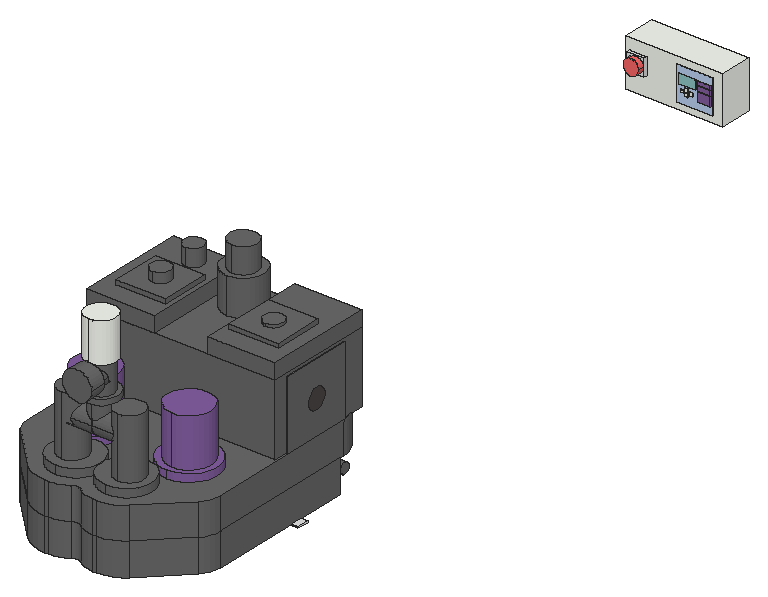
Revit family "11039", category Generic Models, Revit 2021
Family settings
  Can host rebar = No
  Round Connector Dimension = Use Diameter
  Part Type = Normal
  Work Plane-Based = No
  Always vertical = Yes
  Cut with Voids When Loaded = No
  Shared = Yes
  Room Calculation Point = No
Parameters (values of type "11039")
  SUPPLIER = "KESSEL"
  SA700ID49 = "Protection Class I"
  SA700ID48 = "no"
  SA700ID47 = "no"
  SA700ID46 = "yes"
  SA700ID37 = 16000 mm
  SA700ID34 = 47
  SA700ID33 = 3.2 W
  SA700ID32 = 97.93 kg
  SA700ID31 = 1
  SA700ID30 = 2
  SA700ID29 = "GLRD"
  SA700ID21 = 1600
  SA700ID10 = "yes"
  SA700ID08 = 400 V
  PROCUREWEBLINK = "https://p.caden.as/kessel/11039"
  PROCURELINK = "p.caden.as/kessel/11039"
  PROCUREDATALASTUPDATE = "2024-05-22T12:18:05.381961121+01:00"
  PREVIEW = "../../_pool_/8e/3e/11039.png"
  PRC_SPECIFICATIONLINK = "https://ausschreiben.de/catalog/kessel/catalogItem/3159e8a4-a254-47fd-8d6d-72017d509ed0"
  NN = "Lifting station Aqualift F XL"
  NBSYN = "$SA810ID03."
  NB = "11039"
  Model = "11039"
  Manufacturer = "KESSEL"
  MIdent = "{$CADENAS_DATA/23d-libs/kessel/kessel_vdi_import/4/entwaesserung/hebeanlage20aqualift20f20xl.prj},200 {STYP=ASS},{VTYP=3D},{NB=11039},{LINA=11039},{NN=Lifting station Aqualift F XL},{DATE=21.11.2022 10:48:11},{GEOMDATE=21.11.2022 10:48:11},{VERSION=},{LINEID=40},{WBVAR=LODLEVEL},{WBNUMERIC=LODLEVEL}  {NB=11039},{LINA=11039},{KT=DUMMY},{PREVIEW=../../_pool_/8e/3e/11039.png},{SA700ID04=Hebeanlage Aqualift F XL 200 l, Duo, SPF 3000-S3, Schieber},{SA810ID06=04026092057063},{SA700ID34=47.00},{SA010ID03=201805},{SA810ID03=11039},{SA810ID10=Aqualift F XL 3000W-S3 Duo 200L m.S.KESSEL Aqualift F XL Hebeanlage für fäkalienhaltiges und fäkalienfreies Abwasser. Zur Aufstellung in frostgeschützten Räumen.Duoanlage mit zwei Pumpen des Typs SPF 3000-S3 Sammelbehälter aus Polyethylen, mit verschraubter Reinigungsöffnung,Anschlussstutzen für Zulauf von oben DN100/150.Inklusive Tauchrohr zur pneumatischen Niveauerfassung,Entlüftungsanschluss DN 70 und Anschluss für eine Handmembranpumpe DN 32.Behälter inklusive Haltewinkel zur Auftriebssicherung.Behältervolumen 200 Liter, max. Nutzvolumen bei Zulauf von oben ca. 120 Liter.Zwei seitliche und zwei rückseitige Anbohrflächen zur Montage weiterer Zuläufe bis DN 200 unter Verwendung von Durchgangsdichtungen.Inklusive KESSEL Schaltgerät Aqualift Comfort 400 V.Anwenderfreundliche Menüführung im mehrzeiligem Display. MitSelbstdiagnosesystem (SDS) und Erinnerungsfunktion für nächste Wartung.Anzeige der aktuellen Messwerte. Einfache Einstellung derfunktionsrelevanten Parameter, inklusive Betriebsstundenzähler und potentialfreiem Kontakt. Optionale Weiterleitung von Alarm- und Sammelstörmeldung über GSM Schnittstelle.Schaltgerät mit Volltextanzeige in sechs Sprachen.Abwasserpumpe(n) mit Freistromrad zur Förderung von fäkalienfreiem und fäkalienhaltigem Abwasser gemäß DIN EN 12050-1. Freier Kugeldurchgang mindestens 40 mm. Pumpe(n) überflutungssicher. Inklusive Rückflussverhinderer, mit Druckabgang aus Kunststoff DN 100. Inklusive Absperrschieber.Pumpe(n) Typ SPF 3000-S3Fördermenge: max. 47 m³/hFörderhöhe: max. 16 mNennleistung (P2): 2,7 KW je PumpeAufnahmeleistung (P1):  3,3 KW je PumpeBetriebsspannung: 400 V DSNennfrequenz: 50 HzNennstrom: 5,4 AAbsicherung: 3 x 16 A trägeSchutzart (Pumpe): IP68 3mWS/48hSchutzart (Schaltgerät): IP 65Bertiebsart: S3 (50 % Einschaltdauer)Kabellänge: 5 mAußenmaße Anlage mit 200 Liter Behälter (BxTxH): 760 x 980 x 770 mmGewicht ca. 97,93 kg},{SA700ID37=16.00},{SA700ID33=3.20},{SA700ID08=400},{SA700ID30=2},{SA700ID32=97.93},{SA700ID49=Schutzklasse I},{SA700ID50=intern},{SA200ID03=6},{SA250ID03=vertikal},{SA260ID03=Trockenläuferpumpe},{SA350ID03=normalansaugend},{SA400ID03=E-Motor für Drehstrom},{SA460ID03=direkt},{SA500ID03=Kunststoff, Edelstahl},{SA700ID06=100},{SA700ID07=100},{SA700ID09=3/N/PE 400V},{SA700ID10=Ja},{SA700ID11=50},{SA700ID12=IP 68},{SA700ID13=F},{SA700ID15=40},{SA700ID21=1600.00},{SA700ID22=2.70},{SA700ID23=2845},{SA700ID24=2845},{SA700ID26=5.40},{SA700ID27=41.00},{SA700ID28=durchgehend},{SA700ID29=GLRD},{SA700ID31=1},{SA700ID46=ja},{SA700ID47=nein},{SA700ID48=nein},{SA110ID04=Hebeanlage Aqualift F XL},{SA300ID03=einstufig},{SA700ID44=10.00},{SA700ID45=10.00},{SA010ID04=KESSEL AG},{LODLEVEL=200},{LINK=https://www.kessel.de/info?han=11039},{SA970ID01=970},{SA970ID02=7132},{SA970ID03=11039},{SA970ID04=11002617},{SA970ID05=QUAD},{SA970ID06=-410},{SA970ID07=-850},{SA970ID08=0},{SA970ID09=1},{SA970ID10=0},{SA970ID11=0},{SA970ID12=0},{SA970ID13=1},{SA970ID14=0},{SA970ID15=820},{SA970ID16=980},{SA970ID17=819},{LODLEVEL_=200,'Low'},{LODLEVEL_DEU=200,'Low'},{LINK_=https://www.kessel.de/info?han=11039},{LINK_DEU=https://www.kessel.de/info?han=11039},{LODLEVEL_3DB=11039_200},{DNIN1=100},{DNIN2=70},{DNIN4=10},{DNIN5=50},{DNIN6=50},{DNIN7=50},{DNIN8=50},{DNIN9=MIN},{DNOUT1=32},{DNOUT2=100},{DNOUT3=70},{ISD1=96},{ISD2=10},{ISDOUT1=40},{ISDOUT2=70},{ISDOUT3=65},{SA010ID01=010},{SA010ID02=4},{SA010ID06=www.kessel.de},{SA010ID07=www.kessel.de},{SA010ID12=20180713},{SA010ID13=DEU},{SA010ID14=DE},{SA100ID01=100},{SA100ID02=4},{SA100ID04=Entwässerung},{SA110ID01=110},{SA110ID02=6},{SA200ID01=200},{SA200ID02=6},{SA250ID01=250},{SA250ID02=2},{SA260ID01=260},{SA260ID02=2},{SA300ID01=300},{SA300ID02=1},{SA350ID01=350},{SA350ID02=1},{SA400ID01=400},{SA400ID02=2},{SA460ID01=460},{SA460ID02=1},{SA500ID01=500},{SA500ID02=1},{SA700ID01=700},{SA700ID02=52},{SA700ID10_=1},{SA700ID16=0},{SA700ID25=0},{SA700ID46_=1},{SA700ID47_=0},{SA700ID48_=0},{SA700ID49_=1},{SA700ID50_=2},{SA800ID01=800},{SA800ID02=16},{SA810ID01=810},{SA810ID02=52},{SA810ID04=11039},{SA810ID07=52},{SA810ID09=1},{SA810ID14=PCE},{SA810ID15=1},{SA810ID16=NMP},{SA960ID03=52},{SA960ID04=3L},{SA960ID08=https://www.kessel.de/info?han=11039},{SA010ID08=4026092000007},{SA100ID05=Hebeanlage},{SA110ID06=Hebeanlage}"
  LINK = "https://www.kessel.de/info?han=11039"
  LINA = "11039"
  Default Elevation = 0 mm
  CREATOR = "CADENAS GmbH"
  CATALOG = "KESSEL"
  BOMINFO = "LINA"
  ARTICLENO = "NB"
  4.810.00.9 Order quantity (multiplicator) = "1"
  4.810.00.7 Media- connection number = "52"
  4.810.00.6 GTIN number = "04026092057063"
  4.810.00.4 DATANORM number = "11039"
  4.810.00.3 Producer order number = "11039"
  4.710.03.7 Mass (net) = 97.93 kg
  4.710.03.6 Height = 807 mm
  4.710.03.5 Width = 760 mm
  4.710.03.4 Length = 980 mm
  4.710.03.3 Type of dimensions = "2"
  4.710.02.8 Area of application of wastewater pump = "1"
  4.710.02.7 Art des S2/S3-Betriebs = "50 %"
  4.710.02.6 Duty type = "S3"
  4.710.02.5 Cutting device = "0"
  4.710.02.4 Attached pump control = "1"
  4.710.02.3 Free passage = 40 mm
  4.710.01.6 Option to connect to building automation = "40"
  4.710.01.5 Load regulation = "0"
  4.710.01.4 Designation of closed-loop control = "120"
  4.710.01.3 Identifier for closed-loop control = "200"
  4.700.00.9 Voltage = 0
  4.700.00.8 Nominal connection size on suction side = "100"
  4.700.00.7 Nominal connection size on pressure side = "100"
  4.700.00.6 Type of connection = "100"
  4.700.00.4 Product indentification = "Hebeanlage Aqualift F XL 200 l, Duo, SPF 3000-S3, Schieber"
  4.700.00.28 Motor pump shaft = "durchgehend"
  4.700.00.27 Starting current = 41
  4.700.00.26 Maximum power consumption per pump / drive = 5.4
  4.700.00.25 Minimum speed at internal speed adjustment = 0
  4.700.00.24 Nominal speed / maximum speed n = 47.4167
  4.700.00.23 Nominal speed of motor = 47.4167
  4.700.00.22 Maximum shaft output (P2) per pump/drive = 2.7 W
  4.700.00.16 Maximum temperature of pumped medium = 0 °C
  4.700.00.15 Increased safety class = "40 °C"
  4.700.00.13 Type of protection = "F"
  4.700.00.12 Frequency = 0
  4.700.00.11 Stern-/Dreieck-Anlaufschaltung bei Dreiphasenanschluss oder Drehstrom = "50 Hz"
  4.700.00.10 Phase = "1"
  4.500.00.3 Variant / Variant type / Accessories-name = "Kunststoff, Edelstahl"
  4.460.00.3 Variant / Variant type / Accessories-name = "direkt"
  4.400.00.3 Variant / Variant type / Accessories-name = "E-Motor für Drehstrom"
  4.350.00.3 Variant / Variant type / Accessories-name = "normalansaugend"
  4.300.00.3 Variant / Variant type / Accessories-name = "einstufig"
  4.260.00.3 Variant / Variant type / Accessories-name = "Trockenläuferpumpe"
  4.250.00.3 Variant / Variant type / Accessories-name = "vertikal"
  4.200.00.3 Variant / Variant type / Accessories-name = "6"
  4.110.00.6 Product classification = "Hebeanlage"
  4.110.00.4 Product indentification = "Hebeanlage Aqualift F XL"
  4.100.00.5 Main groups of wares = "Hebeanlage"
  4.100.00.4 Product indentification = "Entwässerung"
  4.010.00.8 Producer ID number = "4026092000007"
  4.010.00.7 Comment = "www.kessel.de"
  4.010.00.6 Web address of the manufacturer = "www.kessel.de"
  4.010.00.4 Manufacturer name = "KESSEL AG"
  4.010.00.3 Date of issuance (month) of guideline = "201805"
  4.010.00.2 Sheet number of the guideline = "4"
  4.010.00.14 Kennungen der Projektländer, für die die Datei gültig ist = "DE"
  4.010.00.13 Sprache der Datei = "DEU"
  4.010.00.12 Stand des Herstellerkatalogs = "20180713"
Reference planes
  plane 1 "Center (Front/Back)": y = 0
  plane 2: z = 0
  plane 3 "Center (Left/Right)": x = 0
Forms (mm)
  Extrusion 1, void
    sketch origin (380.5, -115, 392) x (0, -1, 0) y (0, 0, 1)
      loop
        line (-0.5, -0.5) -> (0.5, -0.5) -> (0.5, 0.5) -> (-0.5, 0.5) -> (-0.5, -0.5)
    from 0 to 1
  Extrusion 2, void
    sketch origin (160.15, 130.5, 392) x (1, 0, 0) y (0, 0, 1)
      loop
        line (-0.5, -0.5) -> (0.5, -0.5) -> (0.5, 0.5) -> (-0.5, 0.5) -> (-0.5, -0.5)
    from 0 to 1
  Extrusion 3, void
    sketch origin (-161, 130.5, 392) x (1, 0, 0) y (0, 0, 1)
      loop
        line (-0.5, -0.5) -> (0.5, -0.5) -> (0.5, 0.5) -> (-0.5, 0.5) -> (-0.5, -0.5)
    from 0 to 1
  Extrusion 4, void
    sketch origin (-380.5, -115, 392) x (0, 1, 0) y (0, 0, 1)
      loop
        line (-0.5, -0.5) -> (0.5, -0.5) -> (0.5, 0.5) -> (-0.5, 0.5) -> (-0.5, -0.5)
    from 0 to 1
Dimensions and locks
  locked: plane 2 to Extrusion 1 at 392.5
  locked: plane 2 to Extrusion 1 at 391.5
  locked: plane 2 to Extrusion 2 at 392.5
  locked: plane 2 to Extrusion 2 at 391.5
  locked: plane 2 to Extrusion 3 at 392.5
  locked: plane 2 to Extrusion 3 at 391.5
  locked: plane 2 to Extrusion 4 at 392.5
  locked: plane 2 to Extrusion 4 at 391.5
  aligned and locked: level to plane 2
Nested families
  nested 1: "11039_content" at (0, 0, 0), type "11039_Content"
  nested 2: "11039_part1_X0Y0" at (1000, 1000, 1200), type "11039_PART1_X0Y0"
  nested 3: "11039_part2_X0Y0" at (0, 0, 0), type "11039_PART2_X0Y0"
Connectors
  electrical at (861, 933, 1201.5)
    settings: on nested 2, index 1, voltage 0 V, apparent load 0 VA, apparent load phase1 0 VA, apparent load phase2 0 VA, apparent load phase3 0 VA, power factor 1, load classification "Other", number of poles 1, system type 31, power factor state 1, is connector primary yes, connector utility no, sub classification motor no, connector description ""
  piping at (0, 0, 771), diameter 100
    settings: on nested 3, index 2, connector inside diameter 609.6 mm, connector length 0 mm, flow factor 0, pipe flow 0.0 L/s, pressure drop 0.0 Pa, fitting loss kfactor 0, connector angle 0.00°, fixture units 0, engagement length 0 mm, angle of deflection 0.00°, flow configuration 0, flow direction 1, fitting loss method 2, system type 8, joint type 0, gender type 0, connector reference index -1, connector utility 0, adjustable connector no, is connector primary yes, connector description ""
  piping at (380.5, -115, 392), diameter 70
    settings: on Extrusion 1, index 3, connector inside diameter 609.6 mm, connector length 0 mm, flow factor 0, pipe flow 0.0 L/s, pressure drop 0.0 Pa, fitting loss kfactor 0, connector angle 0.00°, fixture units 0, engagement length 0 mm, angle of deflection 0.00°, flow configuration 0, flow direction 0, fitting loss method 2, system type 8, joint type 0, gender type 0, connector reference index -1, connector utility 0, adjustable connector no, is connector primary no, connector description ""
  piping at (160.15, 130.5, 392), diameter 70
    settings: on Extrusion 2, index 4, connector inside diameter 609.6 mm, connector length 0 mm, flow factor 0, pipe flow 0.0 L/s, pressure drop 0.0 Pa, fitting loss kfactor 0, connector angle 0.00°, fixture units 0, engagement length 0 mm, angle of deflection 0.00°, flow configuration 0, flow direction 0, fitting loss method 2, system type 8, joint type 0, gender type 0, connector reference index -1, connector utility 0, adjustable connector no, is connector primary no, connector description ""
  piping at (-161, 130.5, 392), diameter 70
    settings: on Extrusion 3, index 5, connector inside diameter 609.6 mm, connector length 0 mm, flow factor 0, pipe flow 0.0 L/s, pressure drop 0.0 Pa, fitting loss kfactor 0, connector angle 0.00°, fixture units 0, engagement length 0 mm, angle of deflection 0.00°, flow configuration 0, flow direction 0, fitting loss method 2, system type 8, joint type 0, gender type 0, connector reference index -1, connector utility 0, adjustable connector no, is connector primary no, connector description ""
  piping at (-380.5, -115, 392), diameter 70
    settings: on Extrusion 4, index 6, connector inside diameter 609.6 mm, connector length 0 mm, flow factor 0, pipe flow 0.0 L/s, pressure drop 0.0 Pa, fitting loss kfactor 0, connector angle 0.00°, fixture units 0, engagement length 0 mm, angle of deflection 0.00°, flow configuration 0, flow direction 0, fitting loss method 2, system type 8, joint type 0, gender type 0, connector reference index -1, connector utility 0, adjustable connector no, is connector primary no, connector description ""
  piping at (0, -818, 611), diameter 100
    settings: on nested 3, index 7, connector inside diameter 609.6 mm, connector length 0 mm, flow factor 0, pipe flow 0.0 L/s, pressure drop 0.0 Pa, fitting loss kfactor 0, connector angle 0.00°, fixture units 0, engagement length 0 mm, angle of deflection 0.00°, flow configuration 0, flow direction 2, fitting loss method 2, system type 7, joint type 0, gender type 0, connector reference index -1, connector utility 0, adjustable connector no, is connector primary no, connector description ""
  piping at (-225, 36, 661), diameter 70
    settings: on nested 3, index 8, connector inside diameter 609.6 mm, connector length 0 mm, flow factor 0, pipe flow 0.0 L/s, pressure drop 0.0 Pa, fitting loss kfactor 0, connector angle 0.00°, fixture units 0, engagement length 0 mm, angle of deflection 0.00°, flow configuration 0, flow direction 2, fitting loss method 2, system type 7, joint type 0, gender type 0, connector reference index -1, connector utility 0, adjustable connector no, is connector primary no, connector description ""
  piping at (354.5, 56, 60), diameter 32
    settings: on nested 3, index 9, connector inside diameter 609.6 mm, connector length 0 mm, flow factor 0, pipe flow 0.0 L/s, pressure drop 0.0 Pa, fitting loss kfactor 0, connector angle 0.00°, fixture units 0, engagement length 0 mm, angle of deflection 0.00°, flow configuration 0, flow direction 2, fitting loss method 2, system type 7, joint type 0, gender type 0, connector reference index -1, connector utility 0, adjustable connector no, is connector primary no, connector description ""
  electrical at (185, -497, 477)
    settings: on nested 3, index 10, voltage 0 V, apparent load 0 VA, apparent load phase1 0 VA, apparent load phase2 0 VA, apparent load phase3 0 VA, power factor 1, load classification "Other", number of poles 1, system type 31, power factor state 1, is connector primary no, connector utility no, sub classification motor no, connector description ""
  electrical at (-185, -496.75, 477)
    settings: on nested 3, index 11, voltage 0 V, apparent load 0 VA, apparent load phase1 0 VA, apparent load phase2 0 VA, apparent load phase3 0 VA, power factor 1, load classification "Other", number of poles 1, system type 31, power factor state 1, is connector primary no, connector utility no, sub classification motor no, connector description ""
  electrical at (-222.5, -129, 650)
    settings: on nested 3, index 12, voltage 0 V, apparent load 0 VA, apparent load phase1 0 VA, apparent load phase2 0 VA, apparent load phase3 0 VA, power factor 1, load classification "Other", number of poles 1, system type 31, power factor state 1, is connector primary no, connector utility no, sub classification motor no, connector description ""
Definition of nested family "11039_part1_X0Y0"
  Parameters (values of type "11039_PART1_X0Y0")
    SUPPLIER = "KESSEL"
    SA700ID49 = "Protection Class I"
    SA700ID48 = "no"
    SA700ID47 = "no"
    SA700ID46 = "yes"
    SA700ID37 = 16000 mm
    SA700ID34 = 47
    SA700ID33 = 3.2 W
    SA700ID32 = 97.93 kg
    SA700ID31 = 1
    SA700ID30 = 2
    SA700ID29 = "GLRD"
    SA700ID21 = 1600
    SA700ID10 = "yes"
    SA700ID08 = 400 V
    PREVIEW = "../../_pool_/8e/3e/11039.png"
    NBSYN = "$SA810ID03._PART1"
    NB = "11039_PART1"
    Model = "11039_PART1"
    Manufacturer = "KESSEL"
    MIdent = "{$CADENAS_DATA/23d-libs/kessel/kessel_vdi_import/4/entwaesserung/hebeanlage20aqualift20f20xl.prj},220 {VTYP=3D},{NB=11039_PART1},{LINA=11039_PART1},{NN=Lifting station Aqualift F XL_PART1},{NOPRJ=TRUE},{DATE=21.11.2022 10:48:11},{GEOMDATE=21.11.2022 10:48:11},{VERSION=},{LINEID=40},{WBVAR=LODLEVEL},{WBNUMERIC=LODLEVEL}  {NB=11039_PART1},{LINA=11039_PART1},{KT=DUMMY},{PREVIEW=../../_pool_/8e/3e/11039.png},{SA700ID04=Hebeanlage Aqualift F XL 200 l, Duo, SPF 3000-S3, Schieber},{SA810ID06=04026092057063},{SA700ID34=47.00},{SA010ID03=201805},{SA810ID03=11039},{SA810ID10=Aqualift F XL 3000W-S3 Duo 200L m.S.KESSEL Aqualift F XL Hebeanlage für fäkalienhaltiges und fäkalienfreies Abwasser. Zur Aufstellung in frostgeschützten Räumen.Duoanlage mit zwei Pumpen des Typs SPF 3000-S3 Sammelbehälter aus Polyethylen, mit verschraubter Reinigungsöffnung,Anschlussstutzen für Zulauf von oben DN100/150.Inklusive Tauchrohr zur pneumatischen Niveauerfassung,Entlüftungsanschluss DN 70 und Anschluss für eine Handmembranpumpe DN 32.Behälter inklusive Haltewinkel zur Auftriebssicherung.Behältervolumen 200 Liter, max. Nutzvolumen bei Zulauf von oben ca. 120 Liter.Zwei seitliche und zwei rückseitige Anbohrflächen zur Montage weiterer Zuläufe bis DN 200 unter Verwendung von Durchgangsdichtungen.Inklusive KESSEL Schaltgerät Aqualift Comfort 400 V.Anwenderfreundliche Menüführung im mehrzeiligem Display. MitSelbstdiagnosesystem (SDS) und Erinnerungsfunktion für nächste Wartung.Anzeige der aktuellen Messwerte. Einfache Einstellung derfunktionsrelevanten Parameter, inklusive Betriebsstundenzähler und potentialfreiem Kontakt. Optionale Weiterleitung von Alarm- und Sammelstörmeldung über GSM Schnittstelle.Schaltgerät mit Volltextanzeige in sechs Sprachen.Abwasserpumpe(n) mit Freistromrad zur Förderung von fäkalienfreiem und fäkalienhaltigem Abwasser gemäß DIN EN 12050-1. Freier Kugeldurchgang mindestens 40 mm. Pumpe(n) überflutungssicher. Inklusive Rückflussverhinderer, mit Druckabgang aus Kunststoff DN 100. Inklusive Absperrschieber.Pumpe(n) Typ SPF 3000-S3Fördermenge: max. 47 m³/hFörderhöhe: max. 16 mNennleistung (P2): 2,7 KW je PumpeAufnahmeleistung (P1):  3,3 KW je PumpeBetriebsspannung: 400 V DSNennfrequenz: 50 HzNennstrom: 5,4 AAbsicherung: 3 x 16 A trägeSchutzart (Pumpe): IP68 3mWS/48hSchutzart (Schaltgerät): IP 65Bertiebsart: S3 (50 % Einschaltdauer)Kabellänge: 5 mAußenmaße Anlage mit 200 Liter Behälter (BxTxH): 760 x 980 x 770 mmGewicht ca. 97,93 kg},{SA700ID37=16.00},{SA700ID33=3.20},{SA700ID08=400},{SA700ID30=2},{SA700ID32=97.93},{SA700ID49=Schutzklasse I},{SA700ID50=intern},{SA200ID03=6},{SA250ID03=vertikal},{SA260ID03=Trockenläuferpumpe},{SA350ID03=normalansaugend},{SA400ID03=E-Motor für Drehstrom},{SA460ID03=direkt},{SA500ID03=Kunststoff, Edelstahl},{SA700ID06=100},{SA700ID07=100},{SA700ID09=3/N/PE 400V},{SA700ID10=Ja},{SA700ID11=50},{SA700ID12=IP 68},{SA700ID13=F},{SA700ID15=40},{SA700ID21=1600.00},{SA700ID22=2.70},{SA700ID23=2845},{SA700ID24=2845},{SA700ID26=5.40},{SA700ID27=41.00},{SA700ID28=durchgehend},{SA700ID29=GLRD},{SA700ID31=1},{SA700ID46=ja},{SA700ID47=nein},{SA700ID48=nein},{SA110ID04=Hebeanlage Aqualift F XL},{SA300ID03=einstufig},{SA700ID44=10.00},{SA700ID45=10.00},{SA010ID04=KESSEL AG},{LODLEVEL=200},{LINK=https://www.kessel.de/info?han=11039},{SA970ID01=970},{SA970ID02=7132},{SA970ID03=11039},{SA970ID04=11002617},{SA970ID05=QUAD},{SA970ID06=-410},{SA970ID07=-850},{SA970ID08=0},{SA970ID09=1},{SA970ID10=0},{SA970ID11=0},{SA970ID12=0},{SA970ID13=1},{SA970ID14=0},{SA970ID15=820},{SA970ID16=980},{SA970ID17=819},{LODLEVEL_=200,'Low'},{LODLEVEL_DEU=200,'Low'},{LINK_=https://www.kessel.de/info?han=11039},{LINK_DEU=https://www.kessel.de/info?han=11039},{LODLEVEL_3DB=11039_200},{DNIN1=100},{DNIN2=70},{DNIN4=10},{DNIN5=50},{DNIN6=50},{DNIN7=50},{DNIN8=50},{DNIN9=MIN},{DNOUT1=32},{DNOUT2=100},{DNOUT3=70},{ISD1=96},{ISD2=10},{ISDOUT1=40},{ISDOUT2=70},{ISDOUT3=65},{SA010ID01=010},{SA010ID02=4},{SA010ID06=www.kessel.de},{SA010ID07=www.kessel.de},{SA010ID12=20180713},{SA010ID13=DEU},{SA010ID14=DE},{SA100ID01=100},{SA100ID02=4},{SA100ID04=Entwässerung},{SA110ID01=110},{SA110ID02=6},{SA200ID01=200},{SA200ID02=6},{SA250ID01=250},{SA250ID02=2},{SA260ID01=260},{SA260ID02=2},{SA300ID01=300},{SA300ID02=1},{SA350ID01=350},{SA350ID02=1},{SA400ID01=400},{SA400ID02=2},{SA460ID01=460},{SA460ID02=1},{SA500ID01=500},{SA500ID02=1},{SA700ID01=700},{SA700ID02=52},{SA700ID10_=1},{SA700ID16=0},{SA700ID25=0},{SA700ID46_=1},{SA700ID47_=0},{SA700ID48_=0},{SA700ID49_=1},{SA700ID50_=2},{SA800ID01=800},{SA800ID02=16},{SA810ID01=810},{SA810ID02=52},{SA810ID04=11039},{SA810ID07=52},{SA810ID09=1},{SA810ID14=PCE},{SA810ID15=1},{SA810ID16=NMP},{SA960ID03=52},{SA960ID04=3L},{SA960ID08=https://www.kessel.de/info?han=11039},{SA010ID08=4026092000007},{SA100ID05=Hebeanlage},{SA110ID06=Hebeanlage}"
    LINK = "https://www.kessel.de/info?han=11039"
    LINA = "11039_PART1"
    Default Elevation = 1219.2 mm
    CREATOR = "CADENAS GmbH"
    CATALOG = "KESSEL"
    BOMINFO = "LINA"
    ARTICLENO = "NB"
    4.810.00.9 Order quantity (multiplicator) = "1"
    4.810.00.7 Media- connection number = "52"
    4.810.00.6 GTIN number = "04026092057063"
    4.810.00.4 DATANORM number = "11039"
    4.810.00.3 Producer order number = "11039"
    4.710.03.7 Mass (net) = 97.93 kg
    4.710.03.6 Height = 807 mm
    4.710.03.5 Width = 760 mm
    4.710.03.4 Length = 980 mm
    4.710.03.3 Type of dimensions = "2"
    4.710.02.8 Area of application of wastewater pump = "1"
    4.710.02.7 Art des S2/S3-Betriebs = "50 %"
    4.710.02.6 Duty type = "S3"
    4.710.02.5 Cutting device = "0"
    4.710.02.4 Attached pump control = "1"
    4.710.02.3 Free passage = 40 mm
    4.710.01.6 Option to connect to building automation = "40"
    4.710.01.5 Load regulation = "0"
    4.710.01.4 Designation of closed-loop control = "120"
    4.710.01.3 Identifier for closed-loop control = "200"
    4.700.00.9 Voltage = 0
    4.700.00.8 Nominal connection size on suction side = "100"
    4.700.00.7 Nominal connection size on pressure side = "100"
    4.700.00.6 Type of connection = "100"
    4.700.00.4 Product indentification = "Hebeanlage Aqualift F XL 200 l, Duo, SPF 3000-S3, Schieber"
    4.700.00.28 Motor pump shaft = "durchgehend"
    4.700.00.27 Starting current = 41
    4.700.00.26 Maximum power consumption per pump / drive = 5.4
    4.700.00.25 Minimum speed at internal speed adjustment = 0
    4.700.00.24 Nominal speed / maximum speed n = 47.4167
    4.700.00.23 Nominal speed of motor = 47.4167
    4.700.00.22 Maximum shaft output (P2) per pump/drive = 2.7 W
    4.700.00.16 Maximum temperature of pumped medium = 0 °C
    4.700.00.15 Increased safety class = "40 °C"
    4.700.00.13 Type of protection = "F"
    4.700.00.12 Frequency = 0
    4.700.00.11 Stern-/Dreieck-Anlaufschaltung bei Dreiphasenanschluss oder Drehstrom = "50 Hz"
    4.700.00.10 Phase = "1"
    4.500.00.3 Variant / Variant type / Accessories-name = "Kunststoff, Edelstahl"
    4.460.00.3 Variant / Variant type / Accessories-name = "direkt"
    4.400.00.3 Variant / Variant type / Accessories-name = "E-Motor für Drehstrom"
    4.350.00.3 Variant / Variant type / Accessories-name = "normalansaugend"
    4.300.00.3 Variant / Variant type / Accessories-name = "einstufig"
    4.260.00.3 Variant / Variant type / Accessories-name = "Trockenläuferpumpe"
    4.250.00.3 Variant / Variant type / Accessories-name = "vertikal"
    4.200.00.3 Variant / Variant type / Accessories-name = "6"
    4.110.00.6 Product classification = "Hebeanlage"
    4.110.00.4 Product indentification = "Hebeanlage Aqualift F XL"
    4.100.00.5 Main groups of wares = "Hebeanlage"
    4.100.00.4 Product indentification = "Entwässerung"
    4.010.00.8 Producer ID number = "4026092000007"
    4.010.00.7 Comment = "www.kessel.de"
    4.010.00.6 Web address of the manufacturer = "www.kessel.de"
    4.010.00.4 Manufacturer name = "KESSEL AG"
    4.010.00.3 Date of issuance (month) of guideline = "201805"
    4.010.00.2 Sheet number of the guideline = "4"
    4.010.00.14 Kennungen der Projektländer, für die die Datei gültig ist = "DE"
    4.010.00.13 Sprache der Datei = "DEU"
    4.010.00.12 Stand des Herstellerkatalogs = "20180713"
  Reference planes
    plane 1 "Center (Front/Back)": y = 0
    plane 2: z = 0
    plane 3 "Center (Left/Right)": x = 0
  Dimensions and locks
    aligned and locked: level to plane 2
  Nested families
    nested 1: "11039_part1_content" at (0, 0, 0), type "11039_PART1_Content"
  Definition of nested family "11039_part1_content"
    Parameters (values of type "11039_PART1_Content")
      SUPPLIER = "KESSEL"
      SA700ID49 = "Protection Class I"
      SA700ID48 = "no"
      SA700ID47 = "no"
      SA700ID46 = "yes"
      SA700ID37 = 16000 mm
      SA700ID34 = 47
      SA700ID33 = 3.2 W
      SA700ID32 = 97.93 kg
      SA700ID31 = 1
      SA700ID30 = 2
      SA700ID29 = "GLRD"
      SA700ID21 = 1600
      SA700ID10 = "yes"
      SA700ID08 = 400 V
      PREVIEW = "../../_pool_/8e/3e/11039.png"
      NBSYN = "$SA810ID03._PART1"
      NB = "11039_PART1"
      Model = "11039_PART1"
      Manufacturer = "KESSEL"
      LINK = "https://www.kessel.de/info?han=11039"
      LINA = "11039_PART1"
      Default Elevation = 1219.2 mm
      CREATOR = "CADENAS GmbH"
      CATALOG = "KESSEL"
      BOMINFO = "LINA"
      ARTICLENO = "NB"
      4.810.00.9 Order quantity (multiplicator) = "1"
      4.810.00.7 Media- connection number = "52"
      4.810.00.6 GTIN number = "04026092057063"
      4.810.00.4 DATANORM number = "11039"
      4.810.00.3 Producer order number = "11039"
      4.710.03.7 Mass (net) = 97.93 kg
      4.710.03.6 Height = 807 mm
      4.710.03.5 Width = 760 mm
      4.710.03.4 Length = 980 mm
      4.710.03.3 Type of dimensions = "2"
      4.710.02.8 Area of application of wastewater pump = "1"
      4.710.02.7 Art des S2/S3-Betriebs = "50 %"
      4.710.02.6 Duty type = "S3"
      4.710.02.5 Cutting device = "0"
      4.710.02.4 Attached pump control = "1"
      4.710.02.3 Free passage = 40 mm
      4.710.01.6 Option to connect to building automation = "40"
      4.710.01.5 Load regulation = "0"
      4.710.01.4 Designation of closed-loop control = "120"
      4.710.01.3 Identifier for closed-loop control = "200"
      4.700.00.9 Voltage = 0
      4.700.00.8 Nominal connection size on suction side = "100"
      4.700.00.7 Nominal connection size on pressure side = "100"
      4.700.00.6 Type of connection = "100"
      4.700.00.4 Product indentification = "Hebeanlage Aqualift F XL 200 l, Duo, SPF 3000-S3, Schieber"
      4.700.00.28 Motor pump shaft = "durchgehend"
      4.700.00.27 Starting current = 41
      4.700.00.26 Maximum power consumption per pump / drive = 5.4
      4.700.00.25 Minimum speed at internal speed adjustment = 0
      4.700.00.24 Nominal speed / maximum speed n = 47.4167
      4.700.00.23 Nominal speed of motor = 47.4167
      4.700.00.22 Maximum shaft output (P2) per pump/drive = 2.7 W
      4.700.00.16 Maximum temperature of pumped medium = 0 °C
      4.700.00.15 Increased safety class = "40 °C"
      4.700.00.13 Type of protection = "F"
      4.700.00.12 Frequency = 0
      4.700.00.11 Stern-/Dreieck-Anlaufschaltung bei Dreiphasenanschluss oder Drehstrom = "50 Hz"
      4.700.00.10 Phase = "1"
      4.500.00.3 Variant / Variant type / Accessories-name = "Kunststoff, Edelstahl"
      4.460.00.3 Variant / Variant type / Accessories-name = "direkt"
      4.400.00.3 Variant / Variant type / Accessories-name = "E-Motor für Drehstrom"
      4.350.00.3 Variant / Variant type / Accessories-name = "normalansaugend"
      4.300.00.3 Variant / Variant type / Accessories-name = "einstufig"
      4.260.00.3 Variant / Variant type / Accessories-name = "Trockenläuferpumpe"
      4.250.00.3 Variant / Variant type / Accessories-name = "vertikal"
      4.200.00.3 Variant / Variant type / Accessories-name = "6"
      4.110.00.6 Product classification = "Hebeanlage"
      4.110.00.4 Product indentification = "Hebeanlage Aqualift F XL"
      4.100.00.5 Main groups of wares = "Hebeanlage"
      4.100.00.4 Product indentification = "Entwässerung"
      4.010.00.8 Producer ID number = "4026092000007"
      4.010.00.7 Comment = "www.kessel.de"
      4.010.00.6 Web address of the manufacturer = "www.kessel.de"
      4.010.00.4 Manufacturer name = "KESSEL AG"
      4.010.00.3 Date of issuance (month) of guideline = "201805"
      4.010.00.2 Sheet number of the guideline = "4"
      4.010.00.14 Kennungen der Projektländer, für die die Datei gültig ist = "DE"
      4.010.00.13 Sprache der Datei = "DEU"
      4.010.00.12 Stand des Herstellerkatalogs = "20180713"
    Reference planes
      plane 1 "Center (Front/Back)": y = 0
      plane 2: z = 0
      plane 3 "Center (Left/Right)": x = 0
    Forms (mm)
      Extrusion 1, solid, detail levels medium+fine
        sketch origin (189.25, -1.75, 0.2) x (0, -1, 0) y (0, 0, 1)
          loop
            line (0, 187.8) -> (0, 0) -> (127.75, 0) -> (127.75, 187.8) -> (0, 187.8)
        from 0 to 378.5
      Extrusion 2, solid, detail levels medium+fine
        sketch origin (-4, -67, 0) x (0, 1, 0) y (-1, 0, 0)
          loop
            circle (0, 0) r 12.5
        from 0 to 1.5
      Extrusion 3, solid, detail levels medium+fine
        sketch origin (150.8, -129.5, 26.5) x (0, -1, 0) y (0, 0, 1)
          loop
            line (-1.2, 134.8) -> (-1.2, 0) -> (0.25, 0) -> (0.25, 134.8) -> (-1.2, 134.8)
        from 0 to 139.9
      Extrusion 4, solid, detail levels medium+fine
        sketch origin (72.55, -129.75, 66) x (0, -1, 0) y (0, 0, 1)
          loop
            line (-1, 12) -> (-1, 0) -> (0.5, 0) -> (0.5, 12) -> (-1, 12)
        from 0 to 12
      Extrusion 5, solid, detail levels medium+fine
        sketch origin (84.45, -129.75, 93.4) x (0, -1, 0) y (0, 0, 1)
          loop
            line (-1, 37) -> (-1, 0) -> (0.5, 0) -> (0.5, 37) -> (-1, 37)
        from 0 to 66
      Extrusion 6, solid, detail levels medium+fine
        sketch origin (55.3, -129.75, 74) x (0, -1, 0) y (0, 0, 1)
          loop
            line (-1, 12) -> (-1, 0) -> (0.5, 0) -> (0.5, 12) -> (-1, 12)
        from 0 to 12
      Extrusion 7, solid, detail levels medium+fine
        sketch origin (143.3, -129.75, 94.4) x (0, -1, 0) y (0, 0, 1)
          loop
            line (0, 16) -> (0, 0) -> (1.75, 0) -> (1.75, 16) -> (0, 16)
        from 0 to 51
      Extrusion 8, solid, detail levels medium+fine
        sketch origin (143.3, -129.75, 54.4) x (0, -1, 0) y (0, 0, 1)
          loop
            line (0, 36) -> (0, 0) -> (1.75, 0) -> (1.75, 36) -> (0, 36)
        from 0 to 51
      Extrusion 9, solid, detail levels medium+fine
        sketch origin (55.3, -129.75, 57.5) x (0, -1, 0) y (0, 0, 1)
          loop
            line (-1, 12) -> (-1, 0) -> (0.5, 0) -> (0.5, 12) -> (-1, 12)
        from 0 to 12
      Extrusion 10, solid, detail levels medium+fine
        sketch origin (143.3, -129.75, 114.4) x (0, -1, 0) y (0, 0, 1)
          loop
            line (0, 16) -> (0, 0) -> (1.75, 0) -> (1.75, 16) -> (0, 16)
        from 0 to 51
      Extrusion 11, solid, detail levels medium+fine
        sketch origin (38.05, -129.75, 66) x (0, -1, 0) y (0, 0, 1)
          loop
            line (-1, 12) -> (-1, 0) -> (0.5, 0) -> (0.5, 12) -> (-1, 12)
        from 0 to 12
      Extrusion 12, solid, detail levels medium+fine
        sketch origin (47, -72, 0) x (0, 1, 0) y (-1, 0, 0)
          loop
            circle (0, 0) r 8
        from 0 to 1.5
      Extrusion 13, solid, detail levels medium+fine
        sketch origin (47, -42, 0) x (0, 1, 0) y (-1, 0, 0)
          loop
            circle (0, 0) r 5.25
        from 0 to 1.5
      Extrusion 14, solid, detail levels medium+fine
        sketch origin (77, -72, 0) x (0, 1, 0) y (-1, 0, 0)
          loop
            circle (0, 0) r 8
        from 0 to 1.5
      Extrusion 15, solid, detail levels medium+fine
        sketch origin (-94, -67, 0) x (0, 1, 0) y (-1, 0, 0)
          loop
            circle (0, 0) r 12.5
        from 0 to 1.5
      Extrusion 16, solid, detail levels medium+fine
        sketch origin (92, -42, 0) x (0, 1, 0) y (-1, 0, 0)
          loop
            circle (0, 0) r 8
        from 0 to 1.5
      Extrusion 17, solid, detail levels medium+fine
        sketch origin (107, -72, 0) x (0, 1, 0) y (-1, 0, 0)
          loop
            circle (0, 0) r 8
        from 0 to 1.5
      Extrusion 18, solid, detail levels medium+fine
        sketch origin (122, -42, 0) x (0, 1, 0) y (-1, 0, 0)
          loop
            circle (0, 0) r 8
        from 0 to 1.5
      Extrusion 19, solid, detail levels medium+fine
        sketch origin (-107.7, -129.5, 76.9) x (0, -1, 0) y (0, 0, 1)
          loop
            line (0, 67) -> (0, 0) -> (14, 0) -> (14, 67) -> (0, 67)
        from 0 to 67
      Extrusion 20, solid, detail levels medium+fine
        sketch origin (-141.2, -143.5, 110.4) x (1, 0, 0) y (0, 0, 1)
          loop
            circle (0, 0) r 30
        from 0 to 22
      Extrusion 21, solid, detail levels medium+fine
        sketch origin (127, -15, 0) x (0, 1, 0) y (-1, 0, 0)
          loop
            circle (0, 0) r 6
        from 0 to 1.5
      Extrusion 22, solid, detail levels medium+fine
        sketch origin (137, -72, 0) x (0, 1, 0) y (-1, 0, 0)
          loop
            circle (0, 0) r 8
        from 0 to 1.5
      Extrusion 23, solid, detail levels medium+fine
        sketch origin (-139, -67, 0) x (0, 1, 0) y (-1, 0, 0)
          loop
            circle (0, 0) r 12.5
        from 0 to 1.5
      Extrusion 24, solid, detail levels medium+fine
        sketch origin (152, -42, 0) x (0, 1, 0) y (-1, 0, 0)
          loop
            circle (0, 0) r 8
        from 0 to 1.5
      Extrusion 25, solid, detail levels coarse
        sketch origin (0, -83.625, 0) x (1, 0, 0) y (0, 1, 0)
          loop
            line (-189.25, -81.875) -> (189.25, -81.875) -> (189.25, 81.875) -> (-189.25, 81.875) -> (-189.25, -81.875)
        from 0 to 188
    Dimensions and locks
      aligned and locked: level to plane 2
Definition of nested family "11039_part2_X0Y0"
  Parameters (values of type "11039_PART2_X0Y0")
    SUPPLIER = "KESSEL"
    SA700ID49 = "Protection Class I"
    SA700ID48 = "no"
    SA700ID47 = "no"
    SA700ID46 = "yes"
    SA700ID37 = 16000 mm
    SA700ID34 = 47
    SA700ID33 = 3.2 W
    SA700ID32 = 97.93 kg
    SA700ID31 = 1
    SA700ID30 = 2
    SA700ID29 = "GLRD"
    SA700ID21 = 1600
    SA700ID10 = "yes"
    SA700ID08 = 400 V
    PREVIEW = "../../_pool_/8e/3e/11039.png"
    NBSYN = "$SA810ID03._PART2"
    NB = "11039_PART2"
    Model = "11039_PART2"
    Manufacturer = "KESSEL"
    MIdent = "{$CADENAS_DATA/23d-libs/kessel/kessel_vdi_import/4/entwaesserung/hebeanlage20aqualift20f20xl.prj},220 {VTYP=3D},{NB=11039_PART2},{LINA=11039_PART2},{NN=Lifting station Aqualift F XL_PART2},{NOPRJ=TRUE},{DATE=21.11.2022 10:48:11},{GEOMDATE=21.11.2022 10:48:11},{VERSION=},{LINEID=40},{WBVAR=LODLEVEL},{WBNUMERIC=LODLEVEL}  {NB=11039_PART2},{LINA=11039_PART2},{KT=DUMMY},{PREVIEW=../../_pool_/8e/3e/11039.png},{SA700ID04=Hebeanlage Aqualift F XL 200 l, Duo, SPF 3000-S3, Schieber},{SA810ID06=04026092057063},{SA700ID34=47.00},{SA010ID03=201805},{SA810ID03=11039},{SA810ID10=Aqualift F XL 3000W-S3 Duo 200L m.S.KESSEL Aqualift F XL Hebeanlage für fäkalienhaltiges und fäkalienfreies Abwasser. Zur Aufstellung in frostgeschützten Räumen.Duoanlage mit zwei Pumpen des Typs SPF 3000-S3 Sammelbehälter aus Polyethylen, mit verschraubter Reinigungsöffnung,Anschlussstutzen für Zulauf von oben DN100/150.Inklusive Tauchrohr zur pneumatischen Niveauerfassung,Entlüftungsanschluss DN 70 und Anschluss für eine Handmembranpumpe DN 32.Behälter inklusive Haltewinkel zur Auftriebssicherung.Behältervolumen 200 Liter, max. Nutzvolumen bei Zulauf von oben ca. 120 Liter.Zwei seitliche und zwei rückseitige Anbohrflächen zur Montage weiterer Zuläufe bis DN 200 unter Verwendung von Durchgangsdichtungen.Inklusive KESSEL Schaltgerät Aqualift Comfort 400 V.Anwenderfreundliche Menüführung im mehrzeiligem Display. MitSelbstdiagnosesystem (SDS) und Erinnerungsfunktion für nächste Wartung.Anzeige der aktuellen Messwerte. Einfache Einstellung derfunktionsrelevanten Parameter, inklusive Betriebsstundenzähler und potentialfreiem Kontakt. Optionale Weiterleitung von Alarm- und Sammelstörmeldung über GSM Schnittstelle.Schaltgerät mit Volltextanzeige in sechs Sprachen.Abwasserpumpe(n) mit Freistromrad zur Förderung von fäkalienfreiem und fäkalienhaltigem Abwasser gemäß DIN EN 12050-1. Freier Kugeldurchgang mindestens 40 mm. Pumpe(n) überflutungssicher. Inklusive Rückflussverhinderer, mit Druckabgang aus Kunststoff DN 100. Inklusive Absperrschieber.Pumpe(n) Typ SPF 3000-S3Fördermenge: max. 47 m³/hFörderhöhe: max. 16 mNennleistung (P2): 2,7 KW je PumpeAufnahmeleistung (P1):  3,3 KW je PumpeBetriebsspannung: 400 V DSNennfrequenz: 50 HzNennstrom: 5,4 AAbsicherung: 3 x 16 A trägeSchutzart (Pumpe): IP68 3mWS/48hSchutzart (Schaltgerät): IP 65Bertiebsart: S3 (50 % Einschaltdauer)Kabellänge: 5 mAußenmaße Anlage mit 200 Liter Behälter (BxTxH): 760 x 980 x 770 mmGewicht ca. 97,93 kg},{SA700ID37=16.00},{SA700ID33=3.20},{SA700ID08=400},{SA700ID30=2},{SA700ID32=97.93},{SA700ID49=Schutzklasse I},{SA700ID50=intern},{SA200ID03=6},{SA250ID03=vertikal},{SA260ID03=Trockenläuferpumpe},{SA350ID03=normalansaugend},{SA400ID03=E-Motor für Drehstrom},{SA460ID03=direkt},{SA500ID03=Kunststoff, Edelstahl},{SA700ID06=100},{SA700ID07=100},{SA700ID09=3/N/PE 400V},{SA700ID10=Ja},{SA700ID11=50},{SA700ID12=IP 68},{SA700ID13=F},{SA700ID15=40},{SA700ID21=1600.00},{SA700ID22=2.70},{SA700ID23=2845},{SA700ID24=2845},{SA700ID26=5.40},{SA700ID27=41.00},{SA700ID28=durchgehend},{SA700ID29=GLRD},{SA700ID31=1},{SA700ID46=ja},{SA700ID47=nein},{SA700ID48=nein},{SA110ID04=Hebeanlage Aqualift F XL},{SA300ID03=einstufig},{SA700ID44=10.00},{SA700ID45=10.00},{SA010ID04=KESSEL AG},{LODLEVEL=200},{LINK=https://www.kessel.de/info?han=11039},{SA970ID01=970},{SA970ID02=7132},{SA970ID03=11039},{SA970ID04=11002617},{SA970ID05=QUAD},{SA970ID06=-410},{SA970ID07=-850},{SA970ID08=0},{SA970ID09=1},{SA970ID10=0},{SA970ID11=0},{SA970ID12=0},{SA970ID13=1},{SA970ID14=0},{SA970ID15=820},{SA970ID16=980},{SA970ID17=819},{LODLEVEL_=200,'Low'},{LODLEVEL_DEU=200,'Low'},{LINK_=https://www.kessel.de/info?han=11039},{LINK_DEU=https://www.kessel.de/info?han=11039},{LODLEVEL_3DB=11039_200},{DNIN1=100},{DNIN2=70},{DNIN4=10},{DNIN5=50},{DNIN6=50},{DNIN7=50},{DNIN8=50},{DNIN9=MIN},{DNOUT1=32},{DNOUT2=100},{DNOUT3=70},{ISD1=96},{ISD2=10},{ISDOUT1=40},{ISDOUT2=70},{ISDOUT3=65},{SA010ID01=010},{SA010ID02=4},{SA010ID06=www.kessel.de},{SA010ID07=www.kessel.de},{SA010ID12=20180713},{SA010ID13=DEU},{SA010ID14=DE},{SA100ID01=100},{SA100ID02=4},{SA100ID04=Entwässerung},{SA110ID01=110},{SA110ID02=6},{SA200ID01=200},{SA200ID02=6},{SA250ID01=250},{SA250ID02=2},{SA260ID01=260},{SA260ID02=2},{SA300ID01=300},{SA300ID02=1},{SA350ID01=350},{SA350ID02=1},{SA400ID01=400},{SA400ID02=2},{SA460ID01=460},{SA460ID02=1},{SA500ID01=500},{SA500ID02=1},{SA700ID01=700},{SA700ID02=52},{SA700ID10_=1},{SA700ID16=0},{SA700ID25=0},{SA700ID46_=1},{SA700ID47_=0},{SA700ID48_=0},{SA700ID49_=1},{SA700ID50_=2},{SA800ID01=800},{SA800ID02=16},{SA810ID01=810},{SA810ID02=52},{SA810ID04=11039},{SA810ID07=52},{SA810ID09=1},{SA810ID14=PCE},{SA810ID15=1},{SA810ID16=NMP},{SA960ID03=52},{SA960ID04=3L},{SA960ID08=https://www.kessel.de/info?han=11039},{SA010ID08=4026092000007},{SA100ID05=Hebeanlage},{SA110ID06=Hebeanlage}"
    LINK = "https://www.kessel.de/info?han=11039"
    LINA = "11039_PART2"
    Default Elevation = 1219.2 mm
    CREATOR = "CADENAS GmbH"
    CATALOG = "KESSEL"
    BOMINFO = "LINA"
    ARTICLENO = "NB"
    4.810.00.9 Order quantity (multiplicator) = "1"
    4.810.00.7 Media- connection number = "52"
    4.810.00.6 GTIN number = "04026092057063"
    4.810.00.4 DATANORM number = "11039"
    4.810.00.3 Producer order number = "11039"
    4.710.03.7 Mass (net) = 97.93 kg
    4.710.03.6 Height = 807 mm
    4.710.03.5 Width = 760 mm
    4.710.03.4 Length = 980 mm
    4.710.03.3 Type of dimensions = "2"
    4.710.02.8 Area of application of wastewater pump = "1"
    4.710.02.7 Art des S2/S3-Betriebs = "50 %"
    4.710.02.6 Duty type = "S3"
    4.710.02.5 Cutting device = "0"
    4.710.02.4 Attached pump control = "1"
    4.710.02.3 Free passage = 40 mm
    4.710.01.6 Option to connect to building automation = "40"
    4.710.01.5 Load regulation = "0"
    4.710.01.4 Designation of closed-loop control = "120"
    4.710.01.3 Identifier for closed-loop control = "200"
    4.700.00.9 Voltage = 0
    4.700.00.8 Nominal connection size on suction side = "100"
    4.700.00.7 Nominal connection size on pressure side = "100"
    4.700.00.6 Type of connection = "100"
    4.700.00.4 Product indentification = "Hebeanlage Aqualift F XL 200 l, Duo, SPF 3000-S3, Schieber"
    4.700.00.28 Motor pump shaft = "durchgehend"
    4.700.00.27 Starting current = 41
    4.700.00.26 Maximum power consumption per pump / drive = 5.4
    4.700.00.25 Minimum speed at internal speed adjustment = 0
    4.700.00.24 Nominal speed / maximum speed n = 47.4167
    4.700.00.23 Nominal speed of motor = 47.4167
    4.700.00.22 Maximum shaft output (P2) per pump/drive = 2.7 W
    4.700.00.16 Maximum temperature of pumped medium = 0 °C
    4.700.00.15 Increased safety class = "40 °C"
    4.700.00.13 Type of protection = "F"
    4.700.00.12 Frequency = 0
    4.700.00.11 Stern-/Dreieck-Anlaufschaltung bei Dreiphasenanschluss oder Drehstrom = "50 Hz"
    4.700.00.10 Phase = "1"
    4.500.00.3 Variant / Variant type / Accessories-name = "Kunststoff, Edelstahl"
    4.460.00.3 Variant / Variant type / Accessories-name = "direkt"
    4.400.00.3 Variant / Variant type / Accessories-name = "E-Motor für Drehstrom"
    4.350.00.3 Variant / Variant type / Accessories-name = "normalansaugend"
    4.300.00.3 Variant / Variant type / Accessories-name = "einstufig"
    4.260.00.3 Variant / Variant type / Accessories-name = "Trockenläuferpumpe"
    4.250.00.3 Variant / Variant type / Accessories-name = "vertikal"
    4.200.00.3 Variant / Variant type / Accessories-name = "6"
    4.110.00.6 Product classification = "Hebeanlage"
    4.110.00.4 Product indentification = "Hebeanlage Aqualift F XL"
    4.100.00.5 Main groups of wares = "Hebeanlage"
    4.100.00.4 Product indentification = "Entwässerung"
    4.010.00.8 Producer ID number = "4026092000007"
    4.010.00.7 Comment = "www.kessel.de"
    4.010.00.6 Web address of the manufacturer = "www.kessel.de"
    4.010.00.4 Manufacturer name = "KESSEL AG"
    4.010.00.3 Date of issuance (month) of guideline = "201805"
    4.010.00.2 Sheet number of the guideline = "4"
    4.010.00.14 Kennungen der Projektländer, für die die Datei gültig ist = "DE"
    4.010.00.13 Sprache der Datei = "DEU"
    4.010.00.12 Stand des Herstellerkatalogs = "20180713"
  Reference planes
    plane 1 "Center (Front/Back)": y = 0
    plane 2: z = 0
    plane 3 "Center (Left/Right)": x = 0
  Dimensions and locks
    aligned and locked: level to plane 2
  Nested families
    nested 1: "11039_part2_content" at (0, 0, 0), type "11039_PART2_Content"
  Definition of nested family "11039_part2_content"
    Parameters (values of type "11039_PART2_Content")
      SUPPLIER = "KESSEL"
      SA700ID49 = "Protection Class I"
      SA700ID48 = "no"
      SA700ID47 = "no"
      SA700ID46 = "yes"
      SA700ID37 = 16000 mm
      SA700ID34 = 47
      SA700ID33 = 3.2 W
      SA700ID32 = 97.93 kg
      SA700ID31 = 1
      SA700ID30 = 2
      SA700ID29 = "GLRD"
      SA700ID21 = 1600
      SA700ID10 = "yes"
      SA700ID08 = 400 V
      PREVIEW = "../../_pool_/8e/3e/11039.png"
      NBSYN = "$SA810ID03._PART2"
      NB = "11039_PART2"
      Model = "11039_PART2"
      Manufacturer = "KESSEL"
      LINK = "https://www.kessel.de/info?han=11039"
      LINA = "11039_PART2"
      Default Elevation = 1219.2 mm
      CREATOR = "CADENAS GmbH"
      CATALOG = "KESSEL"
      BOMINFO = "LINA"
      ARTICLENO = "NB"
      4.810.00.9 Order quantity (multiplicator) = "1"
      4.810.00.7 Media- connection number = "52"
      4.810.00.6 GTIN number = "04026092057063"
      4.810.00.4 DATANORM number = "11039"
      4.810.00.3 Producer order number = "11039"
      4.710.03.7 Mass (net) = 97.93 kg
      4.710.03.6 Height = 807 mm
      4.710.03.5 Width = 760 mm
      4.710.03.4 Length = 980 mm
      4.710.03.3 Type of dimensions = "2"
      4.710.02.8 Area of application of wastewater pump = "1"
      4.710.02.7 Art des S2/S3-Betriebs = "50 %"
      4.710.02.6 Duty type = "S3"
      4.710.02.5 Cutting device = "0"
      4.710.02.4 Attached pump control = "1"
      4.710.02.3 Free passage = 40 mm
      4.710.01.6 Option to connect to building automation = "40"
      4.710.01.5 Load regulation = "0"
      4.710.01.4 Designation of closed-loop control = "120"
      4.710.01.3 Identifier for closed-loop control = "200"
      4.700.00.9 Voltage = 0
      4.700.00.8 Nominal connection size on suction side = "100"
      4.700.00.7 Nominal connection size on pressure side = "100"
      4.700.00.6 Type of connection = "100"
      4.700.00.4 Product indentification = "Hebeanlage Aqualift F XL 200 l, Duo, SPF 3000-S3, Schieber"
      4.700.00.28 Motor pump shaft = "durchgehend"
      4.700.00.27 Starting current = 41
      4.700.00.26 Maximum power consumption per pump / drive = 5.4
      4.700.00.25 Minimum speed at internal speed adjustment = 0
      4.700.00.24 Nominal speed / maximum speed n = 47.4167
      4.700.00.23 Nominal speed of motor = 47.4167
      4.700.00.22 Maximum shaft output (P2) per pump/drive = 2.7 W
      4.700.00.16 Maximum temperature of pumped medium = 0 °C
      4.700.00.15 Increased safety class = "40 °C"
      4.700.00.13 Type of protection = "F"
      4.700.00.12 Frequency = 0
      4.700.00.11 Stern-/Dreieck-Anlaufschaltung bei Dreiphasenanschluss oder Drehstrom = "50 Hz"
      4.700.00.10 Phase = "1"
      4.500.00.3 Variant / Variant type / Accessories-name = "Kunststoff, Edelstahl"
      4.460.00.3 Variant / Variant type / Accessories-name = "direkt"
      4.400.00.3 Variant / Variant type / Accessories-name = "E-Motor für Drehstrom"
      4.350.00.3 Variant / Variant type / Accessories-name = "normalansaugend"
      4.300.00.3 Variant / Variant type / Accessories-name = "einstufig"
      4.260.00.3 Variant / Variant type / Accessories-name = "Trockenläuferpumpe"
      4.250.00.3 Variant / Variant type / Accessories-name = "vertikal"
      4.200.00.3 Variant / Variant type / Accessories-name = "6"
      4.110.00.6 Product classification = "Hebeanlage"
      4.110.00.4 Product indentification = "Hebeanlage Aqualift F XL"
      4.100.00.5 Main groups of wares = "Hebeanlage"
      4.100.00.4 Product indentification = "Entwässerung"
      4.010.00.8 Producer ID number = "4026092000007"
      4.010.00.7 Comment = "www.kessel.de"
      4.010.00.6 Web address of the manufacturer = "www.kessel.de"
      4.010.00.4 Manufacturer name = "KESSEL AG"
      4.010.00.3 Date of issuance (month) of guideline = "201805"
      4.010.00.2 Sheet number of the guideline = "4"
      4.010.00.14 Kennungen der Projektländer, für die die Datei gültig ist = "DE"
      4.010.00.13 Sprache der Datei = "DEU"
      4.010.00.12 Stand des Herstellerkatalogs = "20180713"
    Reference planes
      plane 1 "Center (Front/Back)": y = 0
      plane 2: z = 0
      plane 3 "Center (Left/Right)": x = 0
    Forms (mm)
      Extrusion 1, solid, detail levels medium+fine
        sketch origin (0, -700, 130.5) x (1, 0, 0) y (0, 1, 0)
          loop
            arc (-379.67, 111.11) -> (-372.064, 72.826) -> (-350.38, 40.37) r 99.994
            line (-350.38, 40.37) -> (-201.01, -108.99)
            arc (-201.01, -108.99) -> (-155.599, -139.342) -> (-102.029, -150) r 139.954
            line (-102.029, -150) -> (-87.172, -150)
            arc (-87.172, -150) -> (-50.741, -143.793) -> (-18.421, -125.871) r 110.009
            arc (-18.421, -125.871) -> (0.33, -119.29) -> (19.081, -125.871) r 30.004
            arc (19.081, -125.871) -> (51.401, -143.793) -> (87.832, -150) r 110.009
            line (87.832, -150) -> (102.68, -150)
            arc (102.68, -150) -> (156.256, -139.343) -> (201.675, -108.995) r 140
            line (201.675, -108.995) -> (351.043, 40.373)
            arc (351.043, 40.373) -> (372.718, 72.813) -> (380.33, 111.079) r 99.994
            line (380.33, 111.079) -> (380.33, 721.05)
            arc (380.33, 721.05) -> (355.602, 786.915) -> (293.62, 820.2) r 100.014
            line (293.62, 820.2) -> (-292.95, 820.2)
            arc (-292.95, 820.2) -> (-354.938, 786.918) -> (-379.67, 721.05) r 100.011
            line (-379.67, 721.05) -> (-379.67, 111.11)
        from 0 to 125.5
      Extrusion 2, solid, detail levels medium+fine
        sketch origin (0, -700, 1) x (1, 0, 0) y (0, 1, 0)
          loop
            arc (-379.67, 111.11) -> (-372.064, 72.826) -> (-350.38, 40.37) r 99.994
            line (-350.38, 40.37) -> (-201.01, -108.99)
            arc (-201.01, -108.99) -> (-155.599, -139.342) -> (-102.029, -150) r 139.954
            line (-102.029, -150) -> (-87.172, -150)
            arc (-87.172, -150) -> (-50.741, -143.793) -> (-18.421, -125.871) r 110.009
            arc (-18.421, -125.871) -> (0.33, -119.29) -> (19.081, -125.871) r 30.004
            arc (19.081, -125.871) -> (51.401, -143.793) -> (87.832, -150) r 110.009
            line (87.832, -150) -> (102.68, -150)
            arc (102.68, -150) -> (156.256, -139.343) -> (201.675, -108.995) r 140
            line (201.675, -108.995) -> (351.043, 40.373)
            arc (351.043, 40.373) -> (372.718, 72.813) -> (380.33, 111.079) r 99.994
            line (380.33, 111.079) -> (380.33, 699.2) -> (271, 699.2) -> (271, 820.2) -> (-292.95, 820.2)
            arc (-292.95, 820.2) -> (-354.938, 786.918) -> (-379.67, 721.05) r 100.011
            line (-379.67, 721.05) -> (-379.67, 111.11)
        from 0 to 129.5
      Extrusion 3, solid, detail levels medium+fine
        sketch origin (185, -497, 256) x (0, 1, 0) y (-1, 0, 0)
          loop
            circle (0, 0) r 110
        from 0 to 30
      Extrusion 4, solid, detail levels medium+fine
        sketch origin (185, -497, 286) x (0, 1, 0) y (-1, 0, 0)
          loop
            circle (0, 0) r 86
        from 0 to 191
      Extrusion 5, solid, detail levels medium+fine
        sketch origin (100, -700, 256) x (0, 1, 0) y (-1, 0, 0)
          loop
            circle (0, 0) r 100
        from 0 to 32
      Extrusion 6, solid, detail levels medium+fine
        sketch origin (112, -700, 288) x (0, 1, 0) y (-1, 0, 0)
          loop
            circle (0, 0) r 56
        from 0 to 234
      Extrusion 7, solid, detail levels medium+fine
        sketch origin (0, -700, 440) x (0, 1, 0) y (0, 0, 1)
          loop
            circle (0, 0) r 48.5
        from 0 to 112
      Extrusion 8, solid, detail levels medium+fine
        sketch origin (0, -700, 440) x (0, 1, 0) y (-1, 0, 0)
          loop
            circle (0, 0) r 45
        from 0 to 87
      Extrusion 9, solid, detail levels medium+fine
        sketch origin (0, -700, 527) x (0, 1, 0) y (-1, 0, 0)
          loop
            circle (0, 0) r 67
        from 0 to 21
      Extrusion 10, solid, detail levels medium+fine
        sketch origin (0, -700, 548) x (0, 1, 0) y (-1, 0, 0)
          loop
            circle (0, 0) r 48
        from 0 to 115.8
      Extrusion 11, solid, detail levels medium+fine
        sketch origin (0, -700, 611) x (1, 0, 0) y (0, 0, 1)
          loop
            circle (0, 0) r 43
        from 0 to 58
      Extrusion 12, solid, detail levels medium+fine
        sketch origin (0, -758, 611) x (1, 0, 0) y (0, 0, 1)
          loop
            circle (0, 0) r 57
        from 0 to 60
      Extrusion 13, solid, detail levels medium+fine
        sketch origin (0, -700, 440) x (0, -1, 0) y (0, 0, 1)
          loop
            circle (0, 0) r 48.5
        from 0 to 112
      Extrusion 14, solid, detail levels medium+fine
        sketch origin (-112, -700, 288) x (0, -1, 0) y (1, 0, 0)
          loop
            circle (0, 0) r 56
        from 0 to 234
      Extrusion 15, solid, detail levels medium+fine
        sketch origin (-100, -700, 255) x (0, -1, 0) y (1, 0, 0)
          loop
            circle (0, 0) r 100.1
        from 0 to 33
      Extrusion 16, solid, detail levels medium+fine
        sketch origin (0, -700, 663.8) x (0, 1, 0) y (-1, 0, 0)
          loop
            circle (0, 0) r 58.5
        from 0 to 155.2
      Extrusion 17, solid, detail levels medium+fine
        sketch origin (-185, -496.75, 256) x (0, 1, 0) y (-1, 0, 0)
          loop
            circle (0, 0) r 110
        from 0 to 30
      Extrusion 18, solid, detail levels medium+fine
        sketch origin (-185, -496.75, 286) x (0, 1, 0) y (-1, 0, 0)
          loop
            circle (0, 0) r 86
        from 0 to 191
      Extrusion 19, solid, detail levels medium+fine
        sketch origin (-370, -305.8, 256) x (0, 1, 0) y (0, 0, 1)
          loop
            line (0, 279) -> (0, 0) -> (425.8, 0) -> (425.8, 279) -> (0, 279)
        from 0 to 740
      Extrusion 20, solid, detail levels medium+fine
        sketch origin (0, 0, 535) x (0, 1, 0) y (-1, 0, 0)
          loop
            circle (0, 0) r 80
        from 0 to 140
      Extrusion 21, solid, detail levels medium+fine
        sketch origin (0, 0, 675) x (0, 1, 0) y (-1, 0, 0)
          loop
            circle (0, 0) r 55
        from 0 to 96
      Extrusion 22, solid, detail levels medium+fine
        sketch origin (19.12, 120, 161) x (0, 1, 0) y (0, 0, 1)
          loop
            line (0, 366.75) -> (0, 0) -> (10, 0) -> (10, 366.75) -> (0, 366.75)
        from 0 to 281.75
      Extrusion 23, solid, detail levels medium+fine
        sketch origin (160.15, 129, 392) x (1, 0, 0) y (0, 0, -1)
          loop
            circle (0, 0) r 40
        from 0 to 1.6
      Extrusion 24, solid, detail levels medium+fine
        sketch origin (-300.88, 120, 161) x (0, 1, 0) y (0, 0, 1)
          loop
            line (0, 366.75) -> (0, 0) -> (10, 0) -> (10, 366.75) -> (0, 366.75)
        from 0 to 281.75
      Extrusion 25, solid, detail levels medium+fine
        sketch origin (-161, 129, 392) x (1, 0, 0) y (0, 0, -1)
          loop
            circle (0, 0) r 40
        from 0 to 1.6
      Extrusion 26, solid, detail levels medium+fine
        sketch origin (-370, -305.8, 535) x (0, 1, 0) y (0, 0, 1)
          loop
            line (0, 61) -> (0, 0) -> (425.8, 0) -> (425.8, 61) -> (0, 61)
        from 0 to 265
      Extrusion 27, solid, detail levels medium+fine
        sketch origin (-320, -226.5, 596) x (0, 1, 0) y (0, 0, 1)
          loop
            line (0, 17) -> (0, 0) -> (195, 0) -> (195, 17) -> (0, 17)
        from 0 to 195
      Extrusion 28, solid, detail levels medium+fine
        sketch origin (-222.5, -129, 613) x (0, 1, 0) y (-1, 0, 0)
          loop
            circle (0, 0) r 38
        from 0 to 37
      Extrusion 29, solid, detail levels medium+fine
        sketch origin (-225, 36, 596) x (0, 1, 0) y (-1, 0, 0)
          loop
            circle (0, 0) r 37.5
        from 0 to 65
      Extrusion 30, solid, detail levels medium+fine
        sketch origin (105, -305.8, 535) x (0, 1, 0) y (0, 0, 1)
          loop
            line (0, 61) -> (0, 0) -> (425.8, 0) -> (425.8, 61) -> (0, 61)
        from 0 to 265
      Extrusion 31, solid, detail levels medium+fine
        sketch origin (125, -226.5, 596) x (0, 1, 0) y (0, 0, 1)
          loop
            line (0, 17) -> (0, 0) -> (195, 0) -> (195, 17) -> (0, 17)
        from 0 to 195
      Extrusion 32, solid, detail levels medium+fine
        sketch origin (222.5, -129, 613) x (0, 1, 0) y (-1, 0, 0)
          loop
            circle (0, 0) r 38
        from 0 to 10
      Extrusion 33, solid, detail levels medium+fine
        sketch origin (369.97, -255.75, 256) x (0, 1, 0) y (0, 0, 1)
          loop
            line (0, 271.75) -> (0, 0) -> (281.75, 0) -> (281.75, 271.75) -> (0, 271.75)
        from 0 to 10
      Extrusion 34, solid, detail levels medium+fine
        sketch origin (379, -115, 392) x (0, -1, 0) y (0, 0, -1)
          loop
            circle (0, 0) r 40
        from 0 to 1.6
      Extrusion 35, solid, detail levels medium+fine
        sketch origin (-379.97, -255.75, 256) x (0, 1, 0) y (0, 0, 1)
          loop
            line (0, 271.75) -> (0, 0) -> (281.75, 0) -> (281.75, 271.75) -> (0, 271.75)
        from 0 to 10
      Extrusion 36, solid, detail levels medium+fine
        sketch origin (-379, -115, 392) x (0, 1, 0) y (0, 0, -1)
          loop
            circle (0, 0) r 40
        from 0 to 1.6
      Extrusion 37, solid, detail levels medium+fine
        sketch origin (379.5, -242.5, 0) x (0, 1, 0) y (0, 0, 1)
          loop
            line (0, 5) -> (0, 0) -> (45, 0) -> (45, 5) -> (0, 5)
        from 0 to 30.5
      Extrusion 38, solid, detail levels medium+fine
        sketch origin (-410, -242.5, 0) x (0, 1, 0) y (0, 0, 1)
          loop
            line (0, 5) -> (0, 0) -> (45, 0) -> (45, 5) -> (0, 5)
        from 0 to 30.5
      Extrusion 39, solid, detail levels medium+fine
        sketch origin (271, 56, 60) x (0, 1, 0) y (0, 0, 1)
          loop
            circle (0, 0) r 20
        from 0 to 83.5
      Extrusion 40, solid, detail levels coarse
        sketch origin (0, -359.7, 0) x (1, 0, 0) y (0, 1, 0)
          loop
            line (-410, -490.3) -> (410, -490.3) -> (410, 490.3) -> (-410, 490.3) -> (-410, -490.3)
        from 0 to 819
    Dimensions and locks
      aligned and locked: level to plane 2
